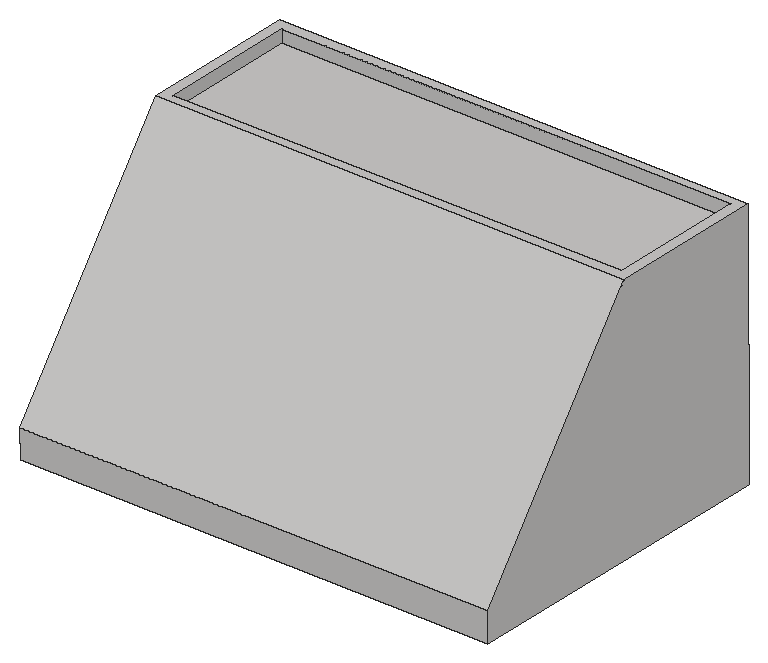
Revit family "P190780JX-156c_JXW9036HP_StainlessSteel_JA_Cooking_Ventilation", category Specialty Equipment, Revit 2026
Family settings
  Round Connector Dimension = Use Diameter
  Part Type = Normal
  Work Plane-Based = No
  Enable Cutting in Views = No
  Always vertical = Yes
  Cut with Voids When Loaded = No
  Maintain Annotation Orientation = No
  Shared = No
  Room Calculation Point = No
Parameters (values of type "JXW9036HP")
  Width = 36"
  Voltage = 0 V
  URL = ""
  Model = "JXW9036HP"
  Manufacturer = "Jenn Air"
  Knob Material = ARCAT - Metal - Steel - Black
  Installation-Fabrication = "http://access.whirlpool.com/mr/getMediaType.do?mediaType=Installation Instruction&sku=JXW9036HP&language=EN\r\nhttp://access.whirlpool.com/mr/getMediaType.do?mediaType=Installation Instruction&sku=JXW9036HP&language=EN"
  Height = 19 3/8"
  Feature 3 = "Radiant Until Ready\r\nRadiant jusqu’à ce qu’il soit prêt"
  Feature 2 = "10-Inch Round Exterior Venting\r\nVentilation extérieure ronde de 10 po"
  Feature 1 = "Velocity Blower\r\nVentilateur à grande vitesse"
  Family Name = "COMMERCIAL & LINER HOODS - 36\""
  Energy Guide = ""
  Drawn By = ""
  Vent Material = ARCAT - Metal - Steel - Gray
  Dimension Guide = ""
  Description = "Pro-Style® 36\"Professional Wall-Mount Hood\r\nHotte murale professionnelle, 36 po"
  Depth = 25"
  Default Elevation = 0"
  Copyright = ""
  Body Material = ARCAT - Metal - Steel - Stainless
  Amps = 0 A
  Accent Material = ARCAT - Metal - Steel - Gray
Reference planes (in)
  plane 1 "Center (Front/Back)": y = 0
  plane 2: z = 0
  plane 3 "Center (Left/Right)": x = 0
  plane 4: y = -25
  plane 5: z = 19.375
  plane 6: y = -12
  plane 7: x = -18
  plane 8: x = 18
  plane 9: x = -6.75
  plane 10: x = -9.25
  plane 11: x = 6.75
  plane 12: x = 9.25
Forms (in)
  Extrusion 1, solid, material "ARCAT - Metal - Steel - Stainless" <- "Body Material"
    sketch origin (18, 60, 48) x (0, 1, 0) y (0, 0, 1)
      loop
        line (-60, -48) -> (-60, -28.625) -> (-72, -28.625) -> (-85, -45.75) -> (-85, -48) -> (-60, -48)
    from 0 to -36
  Extrusion 2, void
    sketch origin (16.5, -180, 28.13016) x (0, 0, -1) y (0, -1, 0)
      loop
        line (28.13016, -156.5) -> (25.88016, -156.5) -> (10.00516, -168.55109) -> (10.00516, -179.875) -> (27.28005, -179.875) -> (27.09891, -178.58615) -> (27.84732, -178.15406) -> (28.09891, -178.5) -> (28.09891, -180) -> (28.13016, -180) -> (28.13016, -156.5)
    from 0 to 33
  Revolve 3, solid, material "ARCAT - Metal - Steel - Gray" <- "Accent Material"
    sketch origin (5.125, 74.72279, 15.95918) x (0, 0.933752, -0.357922) y (0, 0.357922, 0.933752)
      loop
        line (-81.3067, -47.67314) -> (-81.21605, -47.73198)
        arc (-81.21605, -47.73198) -> (-81.19216, -47.73965) -> (-81.16767, -47.73417) r 0.04786
        arc (-81.16767, -47.73417) -> (-80.9038, -47.57083) -> (-80.66492, -47.37273) r 2.24972
        arc (-80.66492, -47.37273) -> (-80.64235, -47.37737) -> (-80.62186, -47.36686) r 0.0347
        arc (-80.62186, -47.36686) -> (-80.29865, -46.98598) -> (-80.01918, -46.57195) r 4.54624
        line (-80.01918, -46.57195) -> (-80.42207, -46.31031) -> (-81.3067, -47.67314)
      axis (-80.42207, -46.31031) -> (-80.01918, -46.57195)
    angle from 0 to 360
  Revolve 4, solid, material "ARCAT - Metal - Steel - Gray" <- "Accent Material"
    sketch origin (-6.5, 74.72279, 15.95918) x (0, 0.933752, -0.357922) y (0, 0.357922, 0.933752)
      loop
        line (-81.3067, -47.67314) -> (-81.21605, -47.73198)
        arc (-81.21605, -47.73198) -> (-81.19216, -47.73965) -> (-81.16767, -47.73417) r 0.04786
        arc (-81.16767, -47.73417) -> (-80.9038, -47.57083) -> (-80.66492, -47.37273) r 2.24972
        arc (-80.66492, -47.37273) -> (-80.64235, -47.37737) -> (-80.62186, -47.36686) r 0.0347
        arc (-80.62186, -47.36686) -> (-80.29865, -46.98598) -> (-80.01918, -46.57195) r 4.54624
        line (-80.01918, -46.57195) -> (-80.42207, -46.31031) -> (-81.3067, -47.67314)
      axis (-80.42207, -46.31031) -> (-80.01918, -46.57195)
    angle from 0 to 360
  Extrusion 5, void
    sketch origin (18, -100.58824, 19.375) x (-1, 0, 0) y (0, 1, 0)
      loop
        line (35.25, 89.33824) -> (35.25, 99.83824) -> (0.75, 99.83824) -> (0.75, 89.33824) -> (35.25, 89.33824)
    from 0 to 1
  Revolve 6, solid, material "ARCAT - Metal - Steel - Gray" <- "Vent Material"
    sketch origin (-14.75, -4.10595, 1.4096) x (0, -0.139173, -0.990268) y (1, 0, 0)
      loop
        arc (-0.03125, 7.30043) -> (0.08574, 7.33409) -> (0.20522, 7.3107) r 0.25952
        line (0.20522, 7.3107) -> (0.24768, 7.3107)
        arc (0.24768, 7.3107) -> (0.36945, 7.34103) -> (0.49229, 7.31539) r 0.2813
        arc (0.49229, 7.31539) -> (0.50195, 7.35822) -> (0.50742, 7.40179) r 0.45272
        line (0.50742, 7.40179) -> (-0.03125, 7.40179) -> (-0.03125, 7.30043)
      axis (-0.03125, 7.40179) -> (0.50742, 7.40179)
    angle from 0 to 360
  Revolve 7, solid, material "ARCAT - Metal - Steel - Gray" <- "Vent Material"
    sketch origin (1.8192, -4.10525, 1.41463) x (0, -0.139173, -0.990268) y (1, 0, 0)
      loop
        arc (-0.02617, 7.24686) -> (0.09082, 7.28052) -> (0.21029, 7.25713) r 0.25952
        line (0.21029, 7.25713) -> (0.25276, 7.25713)
        arc (0.25276, 7.25713) -> (0.37452, 7.28746) -> (0.49736, 7.26181) r 0.2813
        arc (0.49736, 7.26181) -> (0.50703, 7.30465) -> (0.5125, 7.34821) r 0.45272
        line (0.5125, 7.34821) -> (-0.02617, 7.34821) -> (-0.02617, 7.24686)
      axis (-0.02617, 7.34821) -> (0.5125, 7.34821)
    angle from 0 to 360
  Extrusion 8, solid, material "ARCAT - Metal - Steel - Stainless" <- "Body Material"
    sketch origin (15, 0, -24) x (0, 0, 1) y (1, 0, 0)
      loop
        circle (26.45542, -15) r 0.25
    from 0 to 0.03125
  Extrusion 9, solid, material "ARCAT - Metal - Steel - Stainless" <- "Body Material"
    sketch origin (-16.5, -179.98438, 28.13016) x (0, 0, 1) y (0, -1, 0)
      loop
        line (-28.09891, -156.5) -> (-28.09891, -159.5) -> (-25.88016, -159.5) -> (-25.88016, -156.5) -> (-28.09891, -156.5)
    from 0 to 33
  Extrusion 10, solid, material "ARCAT - Metal - Steel - Stainless" <- "Body Material"
    sketch origin (-16.5, -176.96875, 28.13016) x (0, 0, 1) y (0, -1, 0)
      loop
        line (-28.09891, -156.5) -> (-28.09891, -158) -> (-25.19324, -161.99531) -> (-25.14317, -161.6391) -> (-25.88016, -160.62574) -> (-25.88016, -156.5) -> (-28.09891, -156.5)
    from 0 to 33
  Extrusion 11, solid, material "ARCAT - Metal - Steel - Gray" <- "Vent Material"
    sketch origin (-16.5, -180, 28.13016) x (0, 0, 1) y (0, -1, 0)
      loop
        line (-26.52852, -178.81865) -> (-27.08966, -178.52029) -> (-27.28005, -179.875) -> (-26.52852, -179.875) -> (-26.52852, -178.81865)
    from 0 to 33
  Extrusion 12, solid, material "ARCAT - Metal - Steel - Gray" <- "Vent Material"
    sketch origin (-16.5, -180, 28.13016) x (0, 0, 1) y (0, -1, 0)
      loop
        line (-25.12365, -164.53142) -> (-25.20575, -165.11561) -> (-24.78261, -165.69743) -> (-24.70051, -165.11325) -> (-25.12365, -164.53142)
    from 0 to 33
  Extrusion 13, solid, material "ARCAT - Metal - Steel - Gray" <- "Vent Material"
    sketch origin (-16.5, -180, 28.13016) x (0, 0, 1) y (0, -1, 0)
      loop
        line (-25.1793, -165.15197) -> (-27.06029, -178.5359) -> (-26.82539, -178.6608) -> (-24.96773, -165.44288) -> (-25.1793, -165.15197)
    from 0 to 0.75
  Extrusion 14, solid, material "ARCAT - Metal - Steel - Gray" <- "Vent Material"
    sketch origin (16.5, -180, 28.13016) x (0, 0, 1) y (0, 1, 0)
      loop
        line (-25.1793, 165.15197) -> (-24.96773, 165.44288) -> (-26.82539, 178.6608) -> (-27.06029, 178.5359) -> (-25.1793, 165.15197)
    from 0 to 0.75
  Extrusion 15, solid, material "ARCAT - Metal - Steel - Gray" <- "Vent Material"
    sketch origin (-0.76562, -180, 28.13016) x (0, 0, 1) y (0, -1, 0)
      loop
        line (-25.1793, -165.15197) -> (-27.06029, -178.5359) -> (-26.82539, -178.6608) -> (-24.96773, -165.44288) -> (-25.1793, -165.15197)
    from 0 to 0.75
  Extrusion 16, solid, material "ARCAT - Metal - Steel - Gray" <- "Vent Material"
    sketch origin (0.76563, -180, 28.13016) x (0, 0, 1) y (0, 1, 0)
      loop
        line (-25.1793, 165.15197) -> (-24.96773, 165.44288) -> (-26.82539, 178.6608) -> (-27.06029, 178.5359) -> (-25.1793, 165.15197)
    from 0 to 0.75
  Extrusion 17, solid, material "ARCAT - Metal - Steel - Gray" <- "Vent Material"
    sketch origin (-15.25, -180, 28.13016) x (0, 0, 1) y (0, -1, 0)
      loop
        line (-25.1793, -165.15197) -> (-27.06029, -178.5359) -> (-26.82539, -178.6608) -> (-24.96773, -165.44288) -> (-25.1793, -165.15197)
    from 0 to 1.25
  Extrusion 18, solid, material "ARCAT - Metal - Steel - Gray" <- "Vent Material"
    sketch origin (-2.51562, -180, 28.13016) x (0, 0, 1) y (0, -1, 0)
      loop
        line (-25.1793, -165.15197) -> (-27.06029, -178.5359) -> (-26.82539, -178.6608) -> (-24.96773, -165.44288) -> (-25.1793, -165.15197)
    from 0 to 1.25
  Extrusion 19, solid, material "ARCAT - Metal - Steel - Gray" <- "Vent Material"
    sketch origin (-13.4308, -180, 28.13016) x (0, 0, 1) y (0, -1, 0)
      loop
        line (-25.1793, -165.15197) -> (-27.06029, -178.5359) -> (-26.82539, -178.6608) -> (-24.96773, -165.44288) -> (-25.1793, -165.15197)
    from 0 to 1.25
  Extrusion 20, solid, material "ARCAT - Metal - Steel - Gray" <- "Vent Material"
    sketch origin (-11.61161, -180, 28.13016) x (0, 0, 1) y (0, -1, 0)
      loop
        line (-25.1793, -165.15197) -> (-27.06029, -178.5359) -> (-26.82539, -178.6608) -> (-24.96773, -165.44288) -> (-25.1793, -165.15197)
    from 0 to 1.25
  Extrusion 21, solid, material "ARCAT - Metal - Steel - Gray" <- "Vent Material"
    sketch origin (-9.79241, -180, 28.13016) x (0, 0, 1) y (0, -1, 0)
      loop
        line (-25.1793, -165.15197) -> (-27.06029, -178.5359) -> (-26.82539, -178.6608) -> (-24.96773, -165.44288) -> (-25.1793, -165.15197)
    from 0 to 1.25
  Extrusion 22, solid, material "ARCAT - Metal - Steel - Gray" <- "Vent Material"
    sketch origin (-7.97321, -180, 28.13016) x (0, 0, 1) y (0, -1, 0)
      loop
        line (-25.1793, -165.15197) -> (-27.06029, -178.5359) -> (-26.82539, -178.6608) -> (-24.96773, -165.44288) -> (-25.1793, -165.15197)
    from 0 to 1.25
  Extrusion 23, solid, material "ARCAT - Metal - Steel - Gray" <- "Vent Material"
    sketch origin (-6.15402, -180, 28.13016) x (0, 0, 1) y (0, -1, 0)
      loop
        line (-25.1793, -165.15197) -> (-27.06029, -178.5359) -> (-26.82539, -178.6608) -> (-24.96773, -165.44288) -> (-25.1793, -165.15197)
    from 0 to 1.25
  Extrusion 24, solid, material "ARCAT - Metal - Steel - Gray" <- "Vent Material"
    sketch origin (-4.33482, -180, 28.13016) x (0, 0, 1) y (0, -1, 0)
      loop
        line (-25.1793, -165.15197) -> (-27.06029, -178.5359) -> (-26.82539, -178.6608) -> (-24.96773, -165.44288) -> (-25.1793, -165.15197)
    from 0 to 1.25
  Extrusion 25, solid, material "ARCAT - Metal - Steel - Gray" <- "Vent Material"
    sketch origin (1.26563, -180, 28.13016) x (0, 0, 1) y (0, -1, 0)
      loop
        line (-25.1793, -165.15197) -> (-27.06029, -178.5359) -> (-26.82539, -178.6608) -> (-24.96773, -165.44288) -> (-25.1793, -165.15197)
    from 0 to 1.25
  Extrusion 26, solid, material "ARCAT - Metal - Steel - Gray" <- "Vent Material"
    sketch origin (14, -180, 28.13016) x (0, 0, 1) y (0, -1, 0)
      loop
        line (-25.1793, -165.15197) -> (-27.06029, -178.5359) -> (-26.82539, -178.6608) -> (-24.96773, -165.44288) -> (-25.1793, -165.15197)
    from 0 to 1.25
  Extrusion 27, solid, material "ARCAT - Metal - Steel - Gray" <- "Vent Material"
    sketch origin (3.08482, -180, 28.13016) x (0, 0, 1) y (0, -1, 0)
      loop
        line (-25.1793, -165.15197) -> (-27.06029, -178.5359) -> (-26.82539, -178.6608) -> (-24.96773, -165.44288) -> (-25.1793, -165.15197)
    from 0 to 1.25
  Extrusion 28, solid, material "ARCAT - Metal - Steel - Gray" <- "Vent Material"
    sketch origin (4.90402, -180, 28.13016) x (0, 0, 1) y (0, -1, 0)
      loop
        line (-25.1793, -165.15197) -> (-27.06029, -178.5359) -> (-26.82539, -178.6608) -> (-24.96773, -165.44288) -> (-25.1793, -165.15197)
    from 0 to 1.25
  Extrusion 29, solid, material "ARCAT - Metal - Steel - Gray" <- "Vent Material"
    sketch origin (6.72321, -180, 28.13016) x (0, 0, 1) y (0, -1, 0)
      loop
        line (-25.1793, -165.15197) -> (-27.06029, -178.5359) -> (-26.82539, -178.6608) -> (-24.96773, -165.44288) -> (-25.1793, -165.15197)
    from 0 to 1.25
  Extrusion 30, solid, material "ARCAT - Metal - Steel - Gray" <- "Vent Material"
    sketch origin (8.54241, -180, 28.13016) x (0, 0, 1) y (0, -1, 0)
      loop
        line (-25.1793, -165.15197) -> (-27.06029, -178.5359) -> (-26.82539, -178.6608) -> (-24.96773, -165.44288) -> (-25.1793, -165.15197)
    from 0 to 1.25
  Extrusion 31, solid, material "ARCAT - Metal - Steel - Gray" <- "Vent Material"
    sketch origin (10.36161, -180, 28.13016) x (0, 0, 1) y (0, -1, 0)
      loop
        line (-25.1793, -165.15197) -> (-27.06029, -178.5359) -> (-26.82539, -178.6608) -> (-24.96773, -165.44288) -> (-25.1793, -165.15197)
    from 0 to 1.25
  Extrusion 32, solid, material "ARCAT - Metal - Steel - Gray" <- "Vent Material"
    sketch origin (12.1808, -180, 28.13016) x (0, 0, 1) y (0, -1, 0)
      loop
        line (-25.1793, -165.15197) -> (-27.06029, -178.5359) -> (-26.82539, -178.6608) -> (-24.96773, -165.44288) -> (-25.1793, -165.15197)
    from 0 to 1.25
  Extrusion 33, solid, material "ARCAT - Metal - Steel - Black" <- "Knob Material"
    sketch origin (5.53914, -1.98438, 0.03125) x (1, 0, 0) y (0, 1, 0)
      loop
        circle (9.26714, -20) r 0.75
    from 0 to -0.625
  Extrusion 34, solid, material "ARCAT - Metal - Steel - Black" <- "Knob Material"
    sketch origin (3.10164, -1.98438, 0.03125) x (1, 0, 0) y (0, 1, 0)
      loop
        circle (9.26714, -20) r 0.75
    from 0 to -0.625
  Extrusion 35, solid, material "ARCAT - Metal - Steel - Black" <- "Knob Material"
    sketch origin (5.53914, -1.98438, -0.59375) x (1, 0, 0) y (0, 1, 0)
      loop
        circle (9.26714, -20) r 0.75
    from 0 to -0.125
  Extrusion 36, solid, material "ARCAT - Metal - Steel - Black" <- "Knob Material"
    sketch origin (3.10164, -1.98438, -0.59375) x (1, 0, 0) y (0, 1, 0)
      loop
        circle (9.26714, -20) r 0.75
    from 0 to -0.125
  Extrusion 37, solid, material "ARCAT - Metal - Steel - Black" <- "Knob Material"
    sketch origin (-3.88289, -1.98438, 0.03125) x (-1, 0, 0) y (0, -1, 0)
      loop
        circle (9.26714, 20) r 0.75
    from 0 to -0.625
  Extrusion 38, solid, material "ARCAT - Metal - Steel - Black" <- "Knob Material"
    sketch origin (-3.88289, -1.98438, -0.59375) x (-1, 0, 0) y (0, -1, 0)
      loop
        circle (9.26714, 20) r 0.75
    from 0 to -0.125
  Revolve 39, solid, material "ARCAT - Metal - Steel - Gray" <- "Accent Material"
    sketch origin (-16.5, -21.98438, 48.03125) x (-1, 0, 0) y (0, 0, 1)
      loop
        line (-7.70352, -48) -> (-7.70352, -48.125)
        arc (-7.70352, -48.125) -> (-7.67358, -48.15494) -> (-7.64364, -48.125) r 0.02994
        line (-7.64364, -48.125) -> (-7.3125, -48.125)
        arc (-7.3125, -48.125) -> (-7.25, -48.0625) -> (-7.3125, -48) r 0.0625
        line (-7.3125, -48) -> (-7.70352, -48)
      axis (-8.5, -48.125) -> (-8.5, -48)
    angle from 0 to 360
  Revolve 40, void
    sketch origin (-16.5, -21.98438, 48) x (-1, 0, 0) y (0, 0, 1)
      loop
        line (-8.5, -47.96875) -> (-7.70352, -47.96875)
        arc (-7.70352, -47.96875) -> (-7.99296, -47.5359) -> (-8.40593, -47.21875) r 1.60191
        line (-8.40593, -47.21875) -> (-8.5, -47.21875) -> (-8.5, -47.96875)
      axis (-8.5, -47.21875) -> (-8.5, -47.96875)
    angle from 0 to 360
  Revolve 41, solid, material "ARCAT - Metal - Steel - Gray" <- "Accent Material"
    sketch origin (16.5, -21.98438, 48.03125) x (1, 0, 0) y (0, 0, -1)
      loop
        line (-7.70352, 48) -> (-7.3125, 48)
        arc (-7.3125, 48) -> (-7.25, 48.0625) -> (-7.3125, 48.125) r 0.0625
        line (-7.3125, 48.125) -> (-7.64364, 48.125)
        arc (-7.64364, 48.125) -> (-7.67358, 48.15494) -> (-7.70352, 48.125) r 0.02994
        line (-7.70352, 48.125) -> (-7.70352, 48)
      axis (-8.5, 48.125) -> (-8.5, 48)
    angle from 0 to 360
  Revolve 42, void
    sketch origin (16.5, -21.98438, 48) x (1, 0, 0) y (0, 0, -1)
      loop
        line (-8.5, 47.96875) -> (-8.5, 47.21875) -> (-8.40593, 47.21875)
        arc (-8.40593, 47.21875) -> (-7.99296, 47.5359) -> (-7.70352, 47.96875) r 1.60191
        line (-7.70352, 47.96875) -> (-8.5, 47.96875)
      axis (-8.5, 47.21875) -> (-8.5, 47.96875)
    angle from 0 to 360
  Revolve 43, solid, material "ARCAT - Metal - Steel - Gray" <- "Vent Material"
    sketch origin (-16.5692, -12.21487, 2.54923) x (0, -0.139173, -0.990268) y (-1, 0, 0)
      loop
        line (-0.03125, -7.30043) -> (-0.03125, -7.40179) -> (0.50742, -7.40179)
        arc (0.50742, -7.40179) -> (0.50195, -7.35822) -> (0.49229, -7.31539) r 0.45272
        arc (0.49229, -7.31539) -> (0.36945, -7.34103) -> (0.24768, -7.3107) r 0.2813
        line (0.24768, -7.3107) -> (0.20522, -7.3107)
        arc (0.20522, -7.3107) -> (0.08574, -7.33409) -> (-0.03125, -7.30043) r 0.25952
      axis (-0.03125, -7.40179) -> (0.50742, -7.40179)
    angle from 0 to 360
  Revolve 44, solid, material "ARCAT - Metal - Steel - Gray" <- "Vent Material"
    sketch origin (0, -12.21416, 2.55426) x (0, -0.139173, -0.990268) y (-1, 0, 0)
      loop
        line (-0.02617, -7.24686) -> (-0.02617, -7.34821) -> (0.5125, -7.34821)
        arc (0.5125, -7.34821) -> (0.50703, -7.30465) -> (0.49736, -7.26181) r 0.45272
        arc (0.49736, -7.26181) -> (0.37452, -7.28746) -> (0.25276, -7.25713) r 0.2813
        line (0.25276, -7.25713) -> (0.21029, -7.25713)
        arc (0.21029, -7.25713) -> (0.09082, -7.28052) -> (-0.02617, -7.24686) r 0.25952
      axis (-0.02617, -7.34821) -> (0.5125, -7.34821)
    angle from 0 to 360
Cuts and joins
  Extrusion 2, Extrusion 5 cuts Extrusion 1
  Revolve 40, Revolve 42 cuts Extrusion 9
Lines and regions (in)
  symbolic lines, style "SpecialityEquipment"
    curve 1: line (-18, 0, 14.29687) -> (-18, -25, 14.29687)
    curve 2: line (-18, -25, 14.29687) -> (18, -25, 14.29687)
    curve 3: line (18, 0, 14.29687) -> (-18, 0, 14.29687)
    curve 4: line (18, 0, 14.29687) -> (18, -25, 14.29687)
    curve 5: line (-18, -12, 14.29687) -> (18, -12, 14.29687)
  model lines
    curve 6: line (-6, -1.25, 18.375) -> (6, -1.25, 18.375)
    curve 7: line (-6, -10.75, 18.375) -> (-6, -1.25, 18.375)
    curve 8: line (6, -10.75, 18.375) -> (-6, -10.75, 18.375)
    curve 9: line (6, -1.25, 18.375) -> (6, -10.75, 18.375)
Dimensions and locks (in)
  "Depth": plane 4 to plane 1 "Center (Front/Back)"
  "Height": plane 5 to level
  equal spacing: plane 7, plane 3 "Center (Left/Right)", plane 8
  "Width": plane 7 to plane 8
  aligned and locked: plane 2 to level
Automatic sketch dimensions
  plane 1 "Center (Front/Back)" to curve 1 = 0"
  curve 5 to plane 7 = 0"
  curve 5 to plane 8 = 0"
  plane 4 to curve 4 = 0"
  curve 1 to curve 5 = 12"
  Extrusion 1 sketch curve to plane 4 = 0"
  Extrusion 1 sketch curve to plane 5 = 0"
  Extrusion 1 sketch curve to plane 6 = 0"
  Extrusion 1 sketch curve to plane 1 "Center (Front/Back)" = 0"
  Extrusion 1 sketch curve to level = 0"
  Extrusion 1 sketch curve to Extrusion 1 sketch curve = 2 1/4"
  Extrusion 2 sketch curve to plane 1 "Center (Front/Back)" = 0"
  Extrusion 2 sketch curve to level = 0"
  level to Extrusion 2 sketch curve = 1/32"
  level to Extrusion 2 sketch curve = 0.28284"
  plane 1 "Center (Front/Back)" to Extrusion 2 sketch curve = 1/8"
  Extrusion 2 sketch curve to Extrusion 2 sketch curve = 0.81886"
  Extrusion 2 sketch curve to Extrusion 2 sketch curve = 0.74841"
  level to Extrusion 2 sketch curve = 2 1/4"
  Extrusion 2 sketch curve to plane 5 = 1 1/4"
  Extrusion 2 sketch curve to Extrusion 2 sketch curve = 1.28885"
  Extrusion 2 sketch curve to Extrusion 2 sketch curve = 0.08615"
  Extrusion 2 sketch curve to Extrusion 2 sketch curve = 0.34594"
  Extrusion 2 sketch curve to Extrusion 2 sketch curve = 11.32391"
  Extrusion 2 sketch curve to plane 4 = 1 1/2"
  level to Revolve 3 sketch curve = 4.68794"
  Revolve 3 sketch curve to plane 4 = 5.52684"
  Revolve 3 sketch curve to Revolve 3 sketch curve = 1.70436"
  Revolve 3 sketch curve to Revolve 3 sketch curve = 0.91033"
  Revolve 3 sketch curve to Revolve 3 sketch curve = 0.09065"
  Revolve 3 sketch curve to Revolve 3 sketch curve = 0.02606"
  Revolve 3 sketch curve to Revolve 3 sketch curve = 139/256"
  Revolve 3 sketch curve to Revolve 3 sketch curve = 0.22497"
  Revolve 3 sketch curve to Revolve 3 sketch curve = 0.40289"
  Revolve 3 sketch curve to Revolve 3 sketch curve = 1.50483"
  Revolve 3 sketch curve to Revolve 3 sketch curve = 0.56614"
  Revolve 3 sketch curve to Revolve 3 sketch curve = 0.26164"
  Revolve 3 sketch curve to Revolve 3 sketch curve = 0.77104"
  Revolve 3 sketch curve to Revolve 3 sketch curve = 0.33015"
  Revolve 3 sketch curve to Revolve 3 sketch curve = 0.04014"
  Revolve 3 sketch curve to Revolve 3 sketch curve = 0"
  Revolve 3 sketch curve to Revolve 3 sketch curve = 0.01788"
  Revolve 3 sketch curve to Revolve 3 sketch curve = 0.00014"
  Revolve 3 sketch curve to Revolve 3 sketch curve = 0.30319"
  Revolve 3 sketch curve to Revolve 3 sketch curve = 0.00009"
  Revolve 3 sketch curve to Revolve 3 sketch curve = 0.19689"
  level to Revolve 4 sketch curve = 4.68794"
  Revolve 4 sketch curve to plane 4 = 5.52684"
  Revolve 4 sketch curve to Revolve 4 sketch curve = 1.70436"
  Revolve 4 sketch curve to Revolve 4 sketch curve = 0.91033"
  Revolve 4 sketch curve to Revolve 4 sketch curve = 0.09065"
  Revolve 4 sketch curve to Revolve 4 sketch curve = 0.02606"
  Revolve 4 sketch curve to Revolve 4 sketch curve = 139/256"
  Revolve 4 sketch curve to Revolve 4 sketch curve = 0.22497"
  Revolve 4 sketch curve to Revolve 4 sketch curve = 0.40289"
  Revolve 4 sketch curve to Revolve 4 sketch curve = 1.50483"
  Revolve 4 sketch curve to Revolve 4 sketch curve = 0.56614"
  Revolve 4 sketch curve to Revolve 4 sketch curve = 0.26164"
  Revolve 4 sketch curve to Revolve 4 sketch curve = 0.77104"
  Revolve 4 sketch curve to Revolve 4 sketch curve = 0.33015"
  Revolve 4 sketch curve to Revolve 4 sketch curve = 0.04014"
  Revolve 4 sketch curve to Revolve 4 sketch curve = 0"
  Revolve 4 sketch curve to Revolve 4 sketch curve = 0.01788"
  Revolve 4 sketch curve to Revolve 4 sketch curve = 0.00014"
  Revolve 4 sketch curve to Revolve 4 sketch curve = 0.30319"
  Revolve 4 sketch curve to Revolve 4 sketch curve = 0.00009"
  Revolve 4 sketch curve to Revolve 4 sketch curve = 0.19689"
  Extrusion 1 to Extrusion 5 sketch curve = 3/4"  (x3)
  Extrusion 5 sketch curve to Extrusion 1 = 3/4"
  Revolve 6 sketch curve to plane 3 "Center (Left/Right)" = 7.34821"
  Revolve 6 sketch curve to Revolve 6 sketch curve = 0.08727"
  Revolve 6 sketch curve to Revolve 6 sketch curve = 0.12826"
  Revolve 6 sketch curve to Revolve 6 sketch curve = 0.1492"
  Revolve 6 sketch curve to Revolve 6 sketch curve = 0.04246"
  Revolve 6 sketch curve to Revolve 6 sketch curve = 0.27782"
  Revolve 6 sketch curve to Revolve 6 sketch curve = 0.25974"
  Revolve 6 sketch curve to Revolve 6 sketch curve = 0.09108"
  Revolve 6 sketch curve to Revolve 6 sketch curve = 0.10136"
  Revolve 6 sketch curve to Revolve 6 sketch curve = 0.01504"
  Revolve 6 sketch curve to Revolve 6 sketch curve = 0.03454"
  Revolve 6 sketch curve to Revolve 6 sketch curve = 1/32"
  Revolve 6 sketch curve to Revolve 6 sketch curve = 0.00742"
  Revolve 6 sketch curve to Revolve 6 sketch curve = 0"
  Revolve 7 sketch curve to plane 8 = 8.83259"
  Revolve 7 sketch curve to Revolve 7 sketch curve = 0.08727"
  Revolve 7 sketch curve to Revolve 7 sketch curve = 0.12826"
  Revolve 7 sketch curve to Revolve 7 sketch curve = 0.1492"
  Revolve 7 sketch curve to Revolve 7 sketch curve = 0.04246"
  Revolve 7 sketch curve to Revolve 7 sketch curve = 0.27782"
  Revolve 7 sketch curve to Revolve 7 sketch curve = 0.25974"
  Revolve 7 sketch curve to Revolve 7 sketch curve = 0.09108"
  Revolve 7 sketch curve to Revolve 7 sketch curve = 0.10136"
  Revolve 7 sketch curve to Revolve 7 sketch curve = 0.01504"
  Revolve 7 sketch curve to Revolve 7 sketch curve = 0.03454"
  Revolve 7 sketch curve to Revolve 7 sketch curve = 1/32"
  Revolve 7 sketch curve to Revolve 7 sketch curve = 0.00742"
  Revolve 7 sketch curve to Revolve 7 sketch curve = 0"
  Extrusion 1 to Extrusion 8 sketch curve = 2.45542"
  Extrusion 1 to Extrusion 8 sketch curve = 18"
  level to Extrusion 9 sketch curve = 1/32"
  Extrusion 9 sketch curve to Extrusion 9 sketch curve = 2 7/32"
  Extrusion 9 sketch curve to plane 4 = 4 33/64"
  Extrusion 9 sketch curve to plane 4 = 1 33/64"
  level to Extrusion 10 sketch curve = 1/32"
  Extrusion 10 sketch curve to Extrusion 10 sketch curve = 2 7/32"
  Extrusion 10 sketch curve to Extrusion 10 sketch curve = 0.68693"
  Extrusion 10 sketch curve to Extrusion 10 sketch curve = 0.05006"
  Extrusion 10 sketch curve to plane 4 = 10.02656"
  Extrusion 10 sketch curve to Extrusion 10 sketch curve = 0.35621"
  Extrusion 10 sketch curve to Extrusion 10 sketch curve = 1.01336"
  Extrusion 10 sketch curve to Extrusion 10 sketch curve = 2.62574"
  Extrusion 10 sketch curve to Extrusion 10 sketch curve = 1 1/2"
  plane 1 "Center (Front/Back)" to Extrusion 11 sketch curve = 1/8"
  level to Extrusion 11 sketch curve = 0.85011"
  level to Extrusion 11 sketch curve = 1.04051"
  Extrusion 11 sketch curve to Extrusion 11 sketch curve = 0.56114"
  Extrusion 11 sketch curve to Extrusion 11 sketch curve = 1.05635"
  Extrusion 11 sketch curve to Extrusion 11 sketch curve = 0.29836"
  level to Extrusion 12 sketch curve = 2.92441"
  Extrusion 12 sketch curve to Extrusion 12 sketch curve = 0.0821"
  Extrusion 12 sketch curve to Extrusion 12 sketch curve = 0.42314"
  Extrusion 12 sketch curve to Extrusion 12 sketch curve = 0.50525"
  Extrusion 12 sketch curve to plane 4 = 10.69743"
  Extrusion 12 sketch curve to Extrusion 12 sketch curve = 0.58182"
  Extrusion 12 sketch curve to Extrusion 12 sketch curve = 0.00236"
  Extrusion 12 sketch curve to Extrusion 12 sketch curve = 0.58419"
  Extrusion 2 to Extrusion 13 sketch curve = 1.03862"
  Extrusion 13 sketch curve to Extrusion 13 sketch curve = 0.2349"
  Extrusion 2 to Extrusion 13 sketch curve = 2.91961"
  Extrusion 13 sketch curve to Extrusion 13 sketch curve = 0.21157"
  Extrusion 13 sketch curve to Extrusion 2 = 1.2142"
  Extrusion 13 sketch curve to Extrusion 13 sketch curve = 0.1249"
  Extrusion 13 sketch curve to Extrusion 2 = 8.94288"
  Extrusion 13 sketch curve to Extrusion 13 sketch curve = 0.29091"
  level to Extrusion 14 sketch curve = 1.06987"
  Extrusion 14 sketch curve to Extrusion 14 sketch curve = 0.2349"
  level to Extrusion 14 sketch curve = 2.95086"
  Extrusion 14 sketch curve to Extrusion 14 sketch curve = 0.21157"
  Extrusion 14 sketch curve to plane 4 = 10.15197"
  Extrusion 14 sketch curve to Extrusion 14 sketch curve = 0.29091"
  plane 1 "Center (Front/Back)" to Extrusion 14 sketch curve = 1.4641"
  Extrusion 14 sketch curve to Extrusion 14 sketch curve = 0.1249"
  level to Extrusion 15 sketch curve = 1.06987"
  Extrusion 15 sketch curve to Extrusion 15 sketch curve = 0.2349"
  level to Extrusion 15 sketch curve = 2.95086"
  Extrusion 15 sketch curve to Extrusion 15 sketch curve = 0.21157"
  plane 1 "Center (Front/Back)" to Extrusion 15 sketch curve = 1.3392"
  Extrusion 15 sketch curve to Extrusion 15 sketch curve = 0.1249"
  Extrusion 15 sketch curve to plane 4 = 10.44288"
  Extrusion 15 sketch curve to Extrusion 15 sketch curve = 0.29091"
  level to Extrusion 16 sketch curve = 1.06987"
  Extrusion 16 sketch curve to Extrusion 16 sketch curve = 0.2349"
  level to Extrusion 16 sketch curve = 2.95086"
  Extrusion 16 sketch curve to Extrusion 16 sketch curve = 0.21157"
  Extrusion 16 sketch curve to plane 4 = 10.15197"
  Extrusion 16 sketch curve to Extrusion 16 sketch curve = 0.29091"
  plane 1 "Center (Front/Back)" to Extrusion 16 sketch curve = 1.4641"
  Extrusion 16 sketch curve to Extrusion 16 sketch curve = 0.1249"
  level to Extrusion 17 sketch curve = 1.06987"
  Extrusion 17 sketch curve to Extrusion 17 sketch curve = 0.2349"
  level to Extrusion 17 sketch curve = 2.95086"
  Extrusion 17 sketch curve to Extrusion 17 sketch curve = 0.21157"
  plane 1 "Center (Front/Back)" to Extrusion 17 sketch curve = 1.3392"
  Extrusion 17 sketch curve to Extrusion 17 sketch curve = 0.1249"
  Extrusion 17 sketch curve to plane 4 = 10.44288"
  Extrusion 17 sketch curve to Extrusion 17 sketch curve = 0.29091"
  level to Extrusion 18 sketch curve = 1.06987"
  Extrusion 18 sketch curve to Extrusion 18 sketch curve = 0.2349"
  level to Extrusion 18 sketch curve = 2.95086"
  Extrusion 18 sketch curve to Extrusion 18 sketch curve = 0.21157"
  plane 1 "Center (Front/Back)" to Extrusion 18 sketch curve = 1.3392"
  Extrusion 18 sketch curve to Extrusion 18 sketch curve = 0.1249"
  Extrusion 18 sketch curve to plane 4 = 10.44288"
  Extrusion 18 sketch curve to Extrusion 18 sketch curve = 0.29091"
  level to Extrusion 19 sketch curve = 1.06987"
  Extrusion 19 sketch curve to Extrusion 19 sketch curve = 0.2349"
  level to Extrusion 19 sketch curve = 2.95086"
  Extrusion 19 sketch curve to Extrusion 19 sketch curve = 0.21157"
  plane 1 "Center (Front/Back)" to Extrusion 19 sketch curve = 1.3392"
  Extrusion 19 sketch curve to Extrusion 19 sketch curve = 0.1249"
  Extrusion 19 sketch curve to plane 4 = 10.44288"
  Extrusion 19 sketch curve to Extrusion 19 sketch curve = 0.29091"
  level to Extrusion 20 sketch curve = 1.06987"
  Extrusion 20 sketch curve to Extrusion 20 sketch curve = 0.2349"
  level to Extrusion 20 sketch curve = 2.95086"
  Extrusion 20 sketch curve to Extrusion 20 sketch curve = 0.21157"
  plane 1 "Center (Front/Back)" to Extrusion 20 sketch curve = 1.3392"
  Extrusion 20 sketch curve to Extrusion 20 sketch curve = 0.1249"
  Extrusion 20 sketch curve to plane 4 = 10.44288"
  Extrusion 20 sketch curve to Extrusion 20 sketch curve = 0.29091"
  level to Extrusion 21 sketch curve = 1.06987"
  Extrusion 21 sketch curve to Extrusion 21 sketch curve = 0.2349"
  level to Extrusion 21 sketch curve = 2.95086"
  Extrusion 21 sketch curve to Extrusion 21 sketch curve = 0.21157"
  plane 1 "Center (Front/Back)" to Extrusion 21 sketch curve = 1.3392"
  Extrusion 21 sketch curve to Extrusion 21 sketch curve = 0.1249"
  Extrusion 21 sketch curve to plane 4 = 10.44288"
  Extrusion 21 sketch curve to Extrusion 21 sketch curve = 0.29091"
  level to Extrusion 22 sketch curve = 1.06987"
  Extrusion 22 sketch curve to Extrusion 22 sketch curve = 0.2349"
  level to Extrusion 22 sketch curve = 2.95086"
  Extrusion 22 sketch curve to Extrusion 22 sketch curve = 0.21157"
  plane 1 "Center (Front/Back)" to Extrusion 22 sketch curve = 1.3392"
  Extrusion 22 sketch curve to Extrusion 22 sketch curve = 0.1249"
  Extrusion 22 sketch curve to plane 4 = 10.44288"
  Extrusion 22 sketch curve to Extrusion 22 sketch curve = 0.29091"
  level to Extrusion 23 sketch curve = 1.06987"
  Extrusion 23 sketch curve to Extrusion 23 sketch curve = 0.2349"
  level to Extrusion 23 sketch curve = 2.95086"
  Extrusion 23 sketch curve to Extrusion 23 sketch curve = 0.21157"
  plane 1 "Center (Front/Back)" to Extrusion 23 sketch curve = 1.3392"
  Extrusion 23 sketch curve to Extrusion 23 sketch curve = 0.1249"
  Extrusion 23 sketch curve to plane 4 = 10.44288"
  Extrusion 23 sketch curve to Extrusion 23 sketch curve = 0.29091"
  level to Extrusion 24 sketch curve = 1.06987"
  Extrusion 24 sketch curve to Extrusion 24 sketch curve = 0.2349"
  level to Extrusion 24 sketch curve = 2.95086"
  Extrusion 24 sketch curve to Extrusion 24 sketch curve = 0.21157"
  plane 1 "Center (Front/Back)" to Extrusion 24 sketch curve = 1.3392"
  Extrusion 24 sketch curve to Extrusion 24 sketch curve = 0.1249"
  Extrusion 24 sketch curve to plane 4 = 10.44288"
  Extrusion 24 sketch curve to Extrusion 24 sketch curve = 0.29091"
  level to Extrusion 25 sketch curve = 1.06987"
  Extrusion 25 sketch curve to Extrusion 25 sketch curve = 0.2349"
  level to Extrusion 25 sketch curve = 2.95086"
  Extrusion 25 sketch curve to Extrusion 25 sketch curve = 0.21157"
  plane 1 "Center (Front/Back)" to Extrusion 25 sketch curve = 1.3392"
  Extrusion 25 sketch curve to Extrusion 25 sketch curve = 0.1249"
  Extrusion 25 sketch curve to plane 4 = 10.44288"
  Extrusion 25 sketch curve to Extrusion 25 sketch curve = 0.29091"
  level to Extrusion 26 sketch curve = 1.06987"
  Extrusion 26 sketch curve to Extrusion 26 sketch curve = 0.2349"
  level to Extrusion 26 sketch curve = 2.95086"
  Extrusion 26 sketch curve to Extrusion 26 sketch curve = 0.21157"
  plane 1 "Center (Front/Back)" to Extrusion 26 sketch curve = 1.3392"
  Extrusion 26 sketch curve to Extrusion 26 sketch curve = 0.1249"
  Extrusion 26 sketch curve to plane 4 = 10.44288"
  Extrusion 26 sketch curve to Extrusion 26 sketch curve = 0.29091"
  level to Extrusion 27 sketch curve = 1.06987"
  Extrusion 27 sketch curve to Extrusion 27 sketch curve = 0.2349"
  level to Extrusion 27 sketch curve = 2.95086"
  Extrusion 27 sketch curve to Extrusion 27 sketch curve = 0.21157"
  plane 1 "Center (Front/Back)" to Extrusion 27 sketch curve = 1.3392"
  Extrusion 27 sketch curve to Extrusion 27 sketch curve = 0.1249"
  Extrusion 27 sketch curve to plane 4 = 10.44288"
  Extrusion 27 sketch curve to Extrusion 27 sketch curve = 0.29091"
  level to Extrusion 28 sketch curve = 1.06987"
  Extrusion 28 sketch curve to Extrusion 28 sketch curve = 0.2349"
  level to Extrusion 28 sketch curve = 2.95086"
  Extrusion 28 sketch curve to Extrusion 28 sketch curve = 0.21157"
  plane 1 "Center (Front/Back)" to Extrusion 28 sketch curve = 1.3392"
  Extrusion 28 sketch curve to Extrusion 28 sketch curve = 0.1249"
  Extrusion 28 sketch curve to plane 4 = 10.44288"
  Extrusion 28 sketch curve to Extrusion 28 sketch curve = 0.29091"
  level to Extrusion 29 sketch curve = 1.06987"
  Extrusion 29 sketch curve to Extrusion 29 sketch curve = 0.2349"
  level to Extrusion 29 sketch curve = 2.95086"
  Extrusion 29 sketch curve to Extrusion 29 sketch curve = 0.21157"
  plane 1 "Center (Front/Back)" to Extrusion 29 sketch curve = 1.3392"
  Extrusion 29 sketch curve to Extrusion 29 sketch curve = 0.1249"
  Extrusion 29 sketch curve to plane 4 = 10.44288"
  Extrusion 29 sketch curve to Extrusion 29 sketch curve = 0.29091"
  level to Extrusion 30 sketch curve = 1.06987"
  Extrusion 30 sketch curve to Extrusion 30 sketch curve = 0.2349"
  level to Extrusion 30 sketch curve = 2.95086"
  Extrusion 30 sketch curve to Extrusion 30 sketch curve = 0.21157"
  plane 1 "Center (Front/Back)" to Extrusion 30 sketch curve = 1.3392"
  Extrusion 30 sketch curve to Extrusion 30 sketch curve = 0.1249"
  Extrusion 30 sketch curve to plane 4 = 10.44288"
  Extrusion 30 sketch curve to Extrusion 30 sketch curve = 0.29091"
  level to Extrusion 31 sketch curve = 1.06987"
  Extrusion 31 sketch curve to Extrusion 31 sketch curve = 0.2349"
  level to Extrusion 31 sketch curve = 2.95086"
  Extrusion 31 sketch curve to Extrusion 31 sketch curve = 0.21157"
  plane 1 "Center (Front/Back)" to Extrusion 31 sketch curve = 1.3392"
  Extrusion 31 sketch curve to Extrusion 31 sketch curve = 0.1249"
  Extrusion 31 sketch curve to plane 4 = 10.44288"
  Extrusion 31 sketch curve to Extrusion 31 sketch curve = 0.29091"
  level to Extrusion 32 sketch curve = 1.06987"
  Extrusion 32 sketch curve to Extrusion 32 sketch curve = 0.2349"
  level to Extrusion 32 sketch curve = 2.95086"
  Extrusion 32 sketch curve to Extrusion 32 sketch curve = 0.21157"
  plane 1 "Center (Front/Back)" to Extrusion 32 sketch curve = 1.3392"
  Extrusion 32 sketch curve to Extrusion 32 sketch curve = 0.1249"
  Extrusion 32 sketch curve to plane 4 = 10.44288"
  Extrusion 32 sketch curve to Extrusion 32 sketch curve = 0.29091"
  Extrusion 33 sketch curve to plane 8 = 3.19372"
  Extrusion 33 sketch curve to plane 4 = 3 1/64"
  Extrusion 34 sketch curve to plane 8 = 5.63122"
  Extrusion 34 sketch curve to plane 4 = 3 1/64"
  Extrusion 35 sketch curve to plane 8 = 3.19372"
  Extrusion 35 sketch curve to plane 4 = 3 1/64"
  Extrusion 36 sketch curve to plane 8 = 5.63122"
  Extrusion 36 sketch curve to plane 4 = 3 1/64"
  plane 7 to Extrusion 37 sketch curve = 4.84997"
  Extrusion 37 sketch curve to plane 4 = 3 1/64"
  plane 7 to Extrusion 38 sketch curve = 4.84997"
  Extrusion 38 sketch curve to plane 4 = 3 1/64"
  level to Revolve 39 sketch curve = 1/32"  (x2)
  Revolve 39 sketch curve to plane 10 = 0.45352"
  Revolve 39 sketch curve to Revolve 39 sketch curve = 0.02994"
  Revolve 39 sketch curve to plane 10 = 1/16"
  Revolve 39 sketch curve to level = 1/32"
  Revolve 39 sketch curve to Revolve 39 sketch curve = 0.79648"
  Revolve 39 sketch curve to Revolve 39 sketch curve = 0"
  Revolve 39 sketch curve to Revolve 39 sketch curve = 0.29306"
  Revolve 40 sketch curve to level = 0.63092"
  Revolve 40 sketch curve to plane 3 "Center (Left/Right)" = 7.33783"
  Revolve 40 sketch curve to Revolve 40 sketch curve = 0.66217"
  Revolve 40 sketch curve to Revolve 40 sketch curve = 0.09407"
  level to Revolve 40 sketch curve = 1/32"
  Revolve 40 sketch curve to Revolve 40 sketch curve = 0.79648"
  Revolve 40 sketch curve to Revolve 40 sketch curve = 0"  (x2)
  Revolve 40 sketch curve to level = 0.24415"
  level to Revolve 41 sketch curve = 1/32"  (x2)
  Revolve 41 sketch curve to plane 12 = 0.45352"
  Revolve 41 sketch curve to Revolve 41 sketch curve = 0.02994"
  Revolve 41 sketch curve to plane 12 = 1/16"
  Revolve 41 sketch curve to level = 1/32"
  Revolve 41 sketch curve to Revolve 41 sketch curve = 0.79648"
  Revolve 41 sketch curve to Revolve 41 sketch curve = 0.29306"
  Revolve 41 sketch curve to Revolve 41 sketch curve = 0"
  Revolve 42 sketch curve to level = 0.63092"
  plane 3 "Center (Left/Right)" to Revolve 42 sketch curve = 7.33783"
  Revolve 42 sketch curve to Revolve 42 sketch curve = 0.66217"
  Revolve 42 sketch curve to Revolve 42 sketch curve = 0.09407"
  level to Revolve 42 sketch curve = 1/32"
  Revolve 42 sketch curve to Revolve 42 sketch curve = 0.79648"
  Revolve 42 sketch curve to Revolve 42 sketch curve = 0"  (x2)
  Revolve 42 sketch curve to level = 0.24415"
  curve 6 to Extrusion 5 = 1/2"
  curve 6 to Extrusion 5 = 11 1/4"
  curve 8 to Extrusion 5 = 1/2"
  curve 8 to Extrusion 5 = 11 1/4"
  Revolve 43 sketch curve to plane 3 "Center (Left/Right)" = 9.16741"
  Revolve 43 sketch curve to Revolve 43 sketch curve = 0.08727"
  Revolve 43 sketch curve to Revolve 43 sketch curve = 0.12826"
  Revolve 43 sketch curve to Revolve 43 sketch curve = 0.1492"
  Revolve 43 sketch curve to Revolve 43 sketch curve = 0.04246"
  Revolve 43 sketch curve to Revolve 43 sketch curve = 0.27782"
  Revolve 43 sketch curve to Revolve 43 sketch curve = 0.25974"
  Revolve 43 sketch curve to Revolve 43 sketch curve = 0.03454"
  Revolve 43 sketch curve to Revolve 43 sketch curve = 0.12563"
  Revolve 43 sketch curve to Revolve 43 sketch curve = 0.10136"
  Revolve 43 sketch curve to Revolve 43 sketch curve = 0.01504"
  Revolve 43 sketch curve to Revolve 43 sketch curve = 1/32"
  Revolve 43 sketch curve to Revolve 43 sketch curve = 0.00742"
  Revolve 43 sketch curve to Revolve 43 sketch curve = 0"
  Revolve 44 sketch curve to plane 8 = 10.65179"
  Revolve 44 sketch curve to Revolve 44 sketch curve = 0.08727"
  Revolve 44 sketch curve to Revolve 44 sketch curve = 0.12826"
  Revolve 44 sketch curve to Revolve 44 sketch curve = 0.1492"
  Revolve 44 sketch curve to Revolve 44 sketch curve = 0.04246"
  Revolve 44 sketch curve to Revolve 44 sketch curve = 0.27782"
  Revolve 44 sketch curve to Revolve 44 sketch curve = 0.25974"
  Revolve 44 sketch curve to Revolve 44 sketch curve = 0.03454"
  Revolve 44 sketch curve to Revolve 44 sketch curve = 0.12563"
  Revolve 44 sketch curve to Revolve 44 sketch curve = 0.10136"
  Revolve 44 sketch curve to Revolve 44 sketch curve = 0.01504"
  Revolve 44 sketch curve to Revolve 44 sketch curve = 1/32"
  Revolve 44 sketch curve to Revolve 44 sketch curve = 0.00742"
  Revolve 44 sketch curve to Revolve 44 sketch curve = 0"
  radius of Extrusion 8 sketch curve = 1/4"
  radius of Extrusion 33 sketch curve = 3/4"
  radius of Extrusion 34 sketch curve = 3/4"
  radius of Extrusion 35 sketch curve = 3/4"
  radius of Extrusion 36 sketch curve = 3/4"
  radius of Extrusion 37 sketch curve = 3/4"
  radius of Extrusion 38 sketch curve = 3/4"
Nested families (in)
  nested 1: "Jenn Air Logo Plan" at (0, -21.54316, 0.03125), type "Jenn Air Logo Plan"
Connectors (in)
  electrical at (0, 0.03125, 2.45542), driven by "Voltage"
    settings: on Extrusion 8, index 1, voltage 0 V, apparent load 0 VA, apparent load phase1 0 VA, apparent load phase2 0 VA, apparent load phase3 0 VA, power factor 1, load classification "Other", number of poles 1, system type 30, power factor state 1, is connector primary yes, connector utility no, sub classification motor no, connector description "Electrical Connection"
Definition of nested family "Jenn Air Logo Plan"
  Parameters (values of type "Jenn Air Logo Plan")
    Logo Material = none
    Default Elevation = 0"
  Reference planes (in)
    plane 1 "Center (Front/Back)": y = 0
    plane 2: z = 0
    plane 3 "Center (Left/Right)": x = 0
  Forms (in)
    Blend 1, solid, material <- "Logo Material"
      base sketch origin (-0.08356, 0.0625, 0) x (1, 0, 0) y (0, 1, 0)
        loop
          arc (0.02489, -0.57039) -> (0.05225, -0.57583) -> (0.06775, -0.55264) r 0.0251
          line (0.06775, -0.55264) -> (0.06775, -0.33378)
          arc (0.06775, -0.33378) -> (0.08904, -0.31248) -> (0.11034, -0.33378) r 0.0213
          line (0.11034, -0.33378) -> (0.11034, -0.91594)
          arc (0.11034, -0.91594) -> (0.12847, -0.94282) -> (0.16018, -0.93608) r 0.02899
          line (0.16018, -0.93608) -> (0.39157, -0.69647)
          arc (0.39157, -0.69647) -> (0.41329, -0.66302) -> (0.4209, -0.62388) r 0.1045
          line (0.4209, -0.62388) -> (0.4209, -0.14513)
          arc (0.4209, -0.14513) -> (0.39669, -0.0867) -> (0.33826, -0.0625) r 0.08263
          line (0.33826, -0.0625) -> (-0.17115, -0.0625)
          arc (-0.17115, -0.0625) -> (-0.22734, -0.08578) -> (-0.25062, -0.14197) r 0.07947
          line (-0.25062, -0.14197) -> (-0.25062, -0.25362)
          arc (-0.25062, -0.25362) -> (-0.24304, -0.29174) -> (-0.22144, -0.32405) r 0.09961
          line (-0.22144, -0.32405) -> (0.02489, -0.57039)
      top sketch origin (-0.08356, 0.0625, 0) x (1, 0, 0) y (0, 1, 0)
        loop
          line (0.12994, -0.32432) -> (0.12994, -0.82221)
          arc (0.12994, -0.82221) -> (0.14418, -0.84435) -> (0.17024, -0.84058) r 0.02433
          line (0.17024, -0.84058) -> (0.3674, -0.66918)
          arc (0.3674, -0.66918) -> (0.3893, -0.63986) -> (0.39707, -0.60409) r 0.08625
          line (0.39707, -0.60409) -> (0.39707, -0.13782)
          arc (0.39707, -0.13782) -> (0.37938, -0.09511) -> (0.33667, -0.07742) r 0.0604
          line (0.33667, -0.07742) -> (-0.18298, -0.07742)
          arc (-0.18298, -0.07742) -> (-0.21726, -0.09162) -> (-0.23146, -0.12591) r 0.04849
          line (-0.23146, -0.12591) -> (-0.23146, -0.24703)
          arc (-0.23146, -0.24703) -> (-0.22551, -0.27447) -> (-0.20871, -0.29696) r 0.06617
          line (-0.20871, -0.29696) -> (-0.00152, -0.47707)
          arc (-0.00152, -0.47707) -> (0.02729, -0.48124) -> (0.04304, -0.45676) r 0.02691
          line (0.04304, -0.45676) -> (0.04304, -0.32432)
          arc (0.04304, -0.32432) -> (0.08649, -0.28087) -> (0.12994, -0.32432) r 0.04345
      from 0 to -0.03125
  Dimensions and locks (in)
    aligned and locked: plane 2 to level
